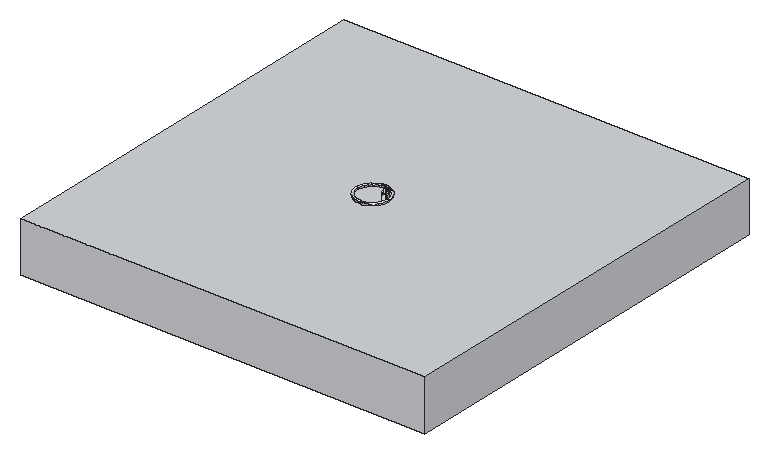
Revit family "Towel_Ring-Grohe-ATRIO-40307_Series", category Specialty Equipment, host Face, Revit 2019
Family settings
  Host = Face
  Round Connector Dimension = Use Diameter
  Part Type = Normal
  OmniClass Number = 23.40.20.21.27
  OmniClass Title = Towel Bars
  Cut with Voids When Loaded = No
  Shared = Yes
  Room Calculation Point = No
Parameters (values of type "40308003")
  cUPC Compliant = yes
  Width = 200 mm  # constant formula
  URL = "https://www.grohe.us"
  Type Comments = ""
  Revised Date = "11/01/2021"  # constant formula
  Product Page URL = "https://www.grohe.us/Towel-Rings/8-Inch-Towel-Ring/GROHE-CHROME-40307003"
  Product Documentation Link = "https://americanstandard.box.com/shared/static/pl5xgbf8os0gn5ri8ad8rcs7rb74s9c9.pdf"
  Price = "Prices may vary. Please consult Manufacturer Representative for most up-to-date price list."  # constant formula
  Model = "40307003"
  Material = "Metal-Grohe-003-StarLight Chrome"
  Manufacturer = "Grohe"  # constant formula
  Length = 69 mm  # constant formula
  Installation Type = "Wall Mounted"  # constant formula
  Installation Instruction Link = "https://americanstandard.box.com/shared/static/dd0dg7q2d10j7myy4ewewbrueg0u5ymo.pdf"
  Height = 212 mm  # constant formula
  Finish = Metal-Grohe-003-StarLight Chrome
  Description = "Atrio Towel Bar"  # constant formula
  Default Elevation = 1016 mm  # constant formula
  Creation Date = "11/05/2018"  # constant formula
  Assembly Code = "C1030200"
Types (2, lengths in mm): name | Product Page URL | Model | Material | Finish
  40308003 | "https://www.grohe.us/Towel-Rings/8-Inch-Towel-Ring/GROHE-CHROME-40307003" | "40307003" | "Metal-Grohe-003-StarLight Chrome" | Metal-Grohe-003-StarLight Chrome
  40307EN3 | "https://www.grohe.us/Towel-Rings/8-Inch-Towel-Ring/GROHE-BRUSHED-NICKEL-40307EN3" | "40307EN3" | "Metal-Grohe-EN3-Brushed Nickel Infinity Finish" | Metal-Grohe-EN3-Brushed Nickel Infinity Finish
Reference planes
  plane 1: y = 5.462
  plane 2: z = 0
  plane 3 "Center (Left/Right)": x = 0
  plane 4: z = 28.575
  plane 5: z = 63.5
  plane 6: y = 22.925
  plane 7: y = -12
  plane 8: y = -189.075
  plane 9: y = -12
  plane 10: y = 10.925
  plane 11: z = 62.718
  plane 12: z = 69
Forms (mm)
  Extrusion 1, solid
    sketch origin (0, 0, 0) x (1, 0, 0) y (0, 1, 0)
      loop
        line (-1219.2, 1219.2) -> (-1219.2, -1219.2) -> (1219.2, -1219.2) -> (1219.2, 1219.2) -> (-1219.2, 1219.2)
    from 0 to -304.8
  Extrusion 2, solid, material "Metal-Grohe-003-StarLight Chrome" <- "Finish"
    sketch origin (0, -5.462, 0) x (1, 0, 0) y (0, 1, 0)
      loop
        circle (0, 10.925) r 17.463
    from 0 to 28.575
  Extrusion 3, solid, material "Metal-Grohe-003-StarLight Chrome" <- "Finish"
    sketch origin (0, 0, 0) x (1, 0, 0) y (0, 1, 0)
      loop
        circle (0, 5.462) r 5.663
    from 0 to 61.9
  Sweep 4, solid, material "Metal-Grohe-003-StarLight Chrome" <- "Finish"
    path origin (0, 0, 0) x (1, 0, 0) y (0, 1, 0)
      loop
        circle (0, -89.075) r 100
    profile origin (0, 10.925, 0) x (0, -1, 0) y (0, 0, 1)
      loop
        circle (5, 62.606) r 5
  Revolve 5, solid, material "Metal-Grohe-003-StarLight Chrome" <- "Finish"
    sketch origin (0, 5.306, 62.718) x (-1, 0, 0) y (0, -1, 0)
      loop
        line (-15, 0) -> (-15, -6.281) -> (15, -6.281) -> (15, 0) -> (0, 0) -> (-15, 0)
      axis (-15, 0) -> (15, 0)
    angle from 0 to 360
Lines and regions (mm)
  Masking region 1
    outline origin (0, 5.462, 0) x (1, 0, 0) y (0, 0, 1)
      loop
        line (17.463, 0) -> (17.463, 28.575) -> (5.663, 28.575) -> (5.663, 56.437) -> (15, 56.437) -> (15, 57.619) -> (95.193, 57.619)
        arc (95.193, 57.619) -> (99.995, 62.613) -> (95.193, 67.606) r 4.997
        line (95.193, 67.606) -> (15, 67.606) -> (15, 68.989) -> (-15, 68.989) -> (-15, 67.606) -> (-95.192, 67.606)
        arc (-95.192, 67.606) -> (-99.994, 62.613) -> (-95.192, 57.619) r 4.997
        line (-95.192, 57.619) -> (-15.001, 57.619) -> (-15.001, 56.437) -> (-5.665, 56.437) -> (-5.665, 28.575) -> (-17.462, 28.575) -> (-17.462, 0) -> (17.463, 0)
  symbolic lines, detail levels medium+fine
    curve 1: line (6.35, 5.462, 28.575) -> (-6.35, 5.462, 28.575)
    curve 2: line (15, 5.462, 67.606) -> (15, 5.462, 57.619)
    curve 3: line (-15, 5.462, 67.606) -> (-15, 5.462, 57.606)
    curve 4: line (5.663, 5.462, 56.437) -> (-5.665, 5.462, 56.437)
Dimensions and locks
  locked: Extrusion 1 to plane 4 at 28.575
  plane 5 to Extrusion 1 = 63.5 mm
  "Height": plane 8 to plane 6
  "Width": plane 8 to plane 10
  "Length": plane 12 to plane 2
  locked: plane 11 to plane 12 at 6.282
  locked: plane 9 to plane 6 at 34.925
  locked: plane 6 to plane 9 at 34.925
  diameter of Sweep 4 sketch curve = 200 mm
  aligned and locked: plane 2 to Extrusion 1
  aligned and locked: level to Extrusion 1
  aligned and locked: plane 4 to Extrusion 2
Automatic sketch dimensions
  Extrusion 1 sketch curve to Extrusion 1 sketch curve = 2438.4 mm  (x2)
  plane 1 to Extrusion 2 sketch curve = 0 mm
  Extrusion 2 sketch curve to plane 3 "Center (Left/Right)" = 0 mm
  Sweep 4 sketch curve to plane 3 "Center (Left/Right)" = 0 mm
  plane 7 to Sweep 4 sketch curve = 77.075 mm
  Sweep 4 sketch curve to profile plane = 5 mm
  level to Sweep 4 sketch curve = 62.606 mm
  Revolve 5 sketch curve to plane 3 "Center (Left/Right)" = 0 mm
  plane 3 "Center (Left/Right)" to Revolve 5 sketch curve = 15 mm
  Revolve 5 sketch curve to plane 3 "Center (Left/Right)" = 15 mm
  plane 1 to Revolve 5 sketch curve = 0.156 mm  (x2)
  Revolve 5 sketch curve to Revolve 5 sketch curve = 0 mm
  Revolve 5 sketch curve to Revolve 5 sketch curve = 5 mm
  plane 10 to Revolve 5 sketch curve = 0.662 mm
  plane 1 to Extrusion 3 sketch curve = 0 mm
  Extrusion 3 sketch curve to plane 3 "Center (Left/Right)" = 0 mm
  Masking region 1 sketch curve to level = 0 mm
  Masking region 1 sketch curve to plane 4 = 0 mm  (x2)
  plane 11 to Masking region 1 sketch curve = 5.099 mm
  Masking region 1 sketch curve to plane 3 "Center (Left/Right)" = 95.192 mm
  plane 12 to Masking region 1 sketch curve = 1.394 mm  (x2)
  Masking region 1 sketch curve to Masking region 1 sketch curve = 0 mm
  Masking region 1 sketch curve to Masking region 1 sketch curve = 0.195 mm  (x3)
  Masking region 1 sketch curve to plane 3 "Center (Left/Right)" = 17.462 mm
  Masking region 1 sketch curve to plane 3 "Center (Left/Right)" = 15.001 mm
  Masking region 1 sketch curve to plane 3 "Center (Left/Right)" = 15 mm
  Masking region 1 sketch curve to plane 3 "Center (Left/Right)" = 5.665 mm
  plane 3 "Center (Left/Right)" to Masking region 1 sketch curve = 5.663 mm
  Masking region 1 sketch curve to Masking region 1 sketch curve = 9.337 mm  (x2)
  Masking region 1 sketch curve to Masking region 1 sketch curve = 11.8 mm
  plane 11 to Masking region 1 sketch curve = 0.106 mm
  Masking region 1 sketch curve to Masking region 1 sketch curve = 79.998 mm
  Masking region 1 sketch curve to Masking region 1 sketch curve = 1.182 mm
  plane 11 to Masking region 1 sketch curve = 6.281 mm
  plane 12 to Masking region 1 sketch curve = 0.011 mm
  curve 1 to plane 4 = 0 mm
  plane 12 to curve 3 = 1.394 mm
  curve 3 to plane 3 "Center (Left/Right)" = 15 mm
  curve 1 to plane 3 "Center (Left/Right)" = 6.35 mm
  curve 4 to plane 3 "Center (Left/Right)" = 5.665 mm
  plane 3 "Center (Left/Right)" to curve 4 = 5.663 mm
  plane 3 "Center (Left/Right)" to curve 1 = 6.35 mm
  curve 4 to curve 2 = 9.337 mm
  plane 11 to curve 4 = 6.281 mm
  plane 11 to curve 3 = 5.113 mm
  plane 11 to curve 2 = 5.099 mm
  plane 12 to curve 2 = 1.394 mm
  radius of Extrusion 2 sketch curve = 17.463 mm
  radius of Sweep 4 sketch curve = 5 mm
  radius of Extrusion 3 sketch curve = 5.663 mm
